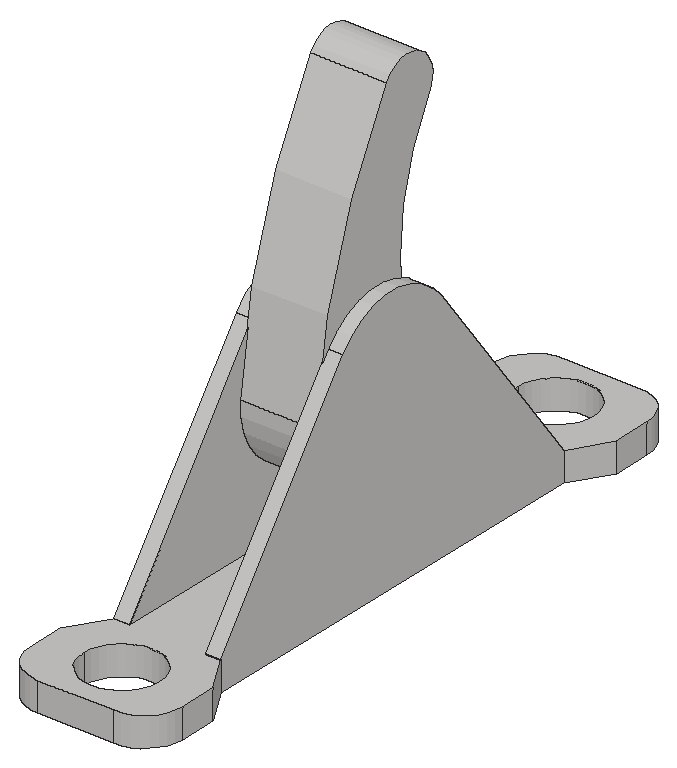
Revit family "Adjustable_Tension_Towel_Hook-Bradley_Corp-Security-SA37", category Specialty Equipment, host Face, Revit 2012
Parameters (values of type "SA37")
  Width = 1.000"
  Warranty Information = "Complete Unit - One Year"
  Version = "2.0"
  URL = "http://www.bradleycorp.com/"
  Specifications URL = "http://www.bradleycorp.com/3partspec"
  Product Tech Data URL - Spanish = "http://bradleycorp.com/download/588/9255es.pdf"
  Product Tech Data URL - French = "http://bradleycorp.com/download/589/9255fr.pdf"
  Product Tech Data URL - English = "http://bradleycorp.com/download/587/9255.pdf"
  Percentage of Recycled Content = 0
  OmniClass Table 23 Title = "Robe Hooks"
  OmniClass Table 23 Number = "23.31.25.27"
  OmniClass Table 21 Title = "Toilet, Bath, and Laundry Accessories"
  OmniClass Table 21 Number = "21-03 10 90 40"
  Modeling Code = ""
  Model = "SA37"
  Material = Metal - Bradley Corp - Stainless Steel - Satin
  MasterFormat Title = "Security Toilet Accessories"
  MasterFormat Number = "10 28 13.53"
  Manufacturer = "Bradley Corporation"
  Low Emitting Material = no
  Low Emitting Finish = no
  LEED Credit = ""
  Industry Standards = ""
  Height = 4.312"
  Fire Rating = ""
  Description = "Security Clothes Hook"
  Depth = 3.000"
  Default Elevation = 48.000"
  Copyright = "This Model Data is Property of Bradley Corporation"
  Complies To NAFTA = ""
  Buy American Act = "Yes"
  Assembly Code = "C1030200"
  ADA Compliant = "No"
Reference planes (in)
  plane 1 "Center (Front/Back)": y = 0
  plane 2: z = 0
  plane 3 "Center (Left/Right)": x = 0
  plane 4: z = 3
  plane 5: y = 2.15575
  plane 6: y = -2.15625
  plane 7: x = -0.5
  plane 8: x = 0.5
Forms (in)
  Extrusion 1, solid, material "Metal - Bradley Corp - Stainless Steel - Satin" <- "Material"
    sketch origin (0, 0, 0) x (1, 0, 0) y (0, 1, 0)
      loop
        arc (-0.25, 2.15575) -> (-0.42678, 2.08253) -> (-0.5, 1.90575) r 0.25
        line (-0.5, 1.90575) -> (-0.5, 1.65575) -> (-0.35, 1.40625) -> (-0.25, 1.40625) -> (-0.25, -1.40625) -> (-0.35, -1.40625) -> (-0.5, -1.65625) -> (-0.5, -1.90625)
        arc (-0.5, -1.90625) -> (-0.42678, -2.08303) -> (-0.25, -2.15625) r 0.25
        line (-0.25, -2.15625) -> (0.25, -2.15625)
        arc (0.25, -2.15625) -> (0.42678, -2.08303) -> (0.5, -1.90625) r 0.25
        line (0.5, -1.90625) -> (0.5, -1.65625) -> (0.35, -1.40625) -> (0.25, -1.40625) -> (0.25, 1.40625) -> (0.35, 1.40625) -> (0.5, 1.65575) -> (0.5, 1.90575)
        arc (0.5, 1.90575) -> (0.42678, 2.08253) -> (0.25, 2.15575) r 0.25
        line (0.25, 2.15575) -> (-0.25, 2.15575)
      loop
        circle (0, -1.78125) r 0.25
      loop
        circle (0, 1.78075) r 0.25
    from 0 to 0.19374
  Extrusion 2, solid, material "Metal - Bradley Corp - Stainless Steel - Satin" <- "Material"
    sketch origin (0, 0, 0) x (0, 1, 0) y (0, 0, 1)
      loop
        line (1.40625, 0) -> (1.40625, 0.19374) -> (0.40155, 1.54792)
        arc (0.40155, 1.54792) -> (0, 1.75) -> (-0.40155, 1.54792) r 0.5
        line (-0.40155, 1.54792) -> (-1.40625, 0.19374) -> (-1.40625, 0) -> (1.40625, 0)
    from -0.25 to -0.35
  Extrusion 3, solid, material "Metal - Bradley Corp - Stainless Steel - Satin" <- "Material"
    sketch origin (0, 0, 0) x (0, 1, 0) y (0, 0, 1)
      loop
        arc (0.40155, 1.54792) -> (0, 1.75) -> (-0.40155, 1.54792) r 0.5
        line (-0.40155, 1.54792) -> (-1.40625, 0.19374) -> (-1.40625, 0) -> (1.40625, 0) -> (1.40625, 0.19374) -> (0.40155, 1.54792)
    from 0.25 to 0.35
  Extrusion 4, solid, material "Metal - Bradley Corp - Stainless Steel - Satin" <- "Material"
    sketch origin (0, 0, 0) x (0, 1, 0) y (0, 0, 1)
      loop
        arc (0.42581, 2.69171) -> (0.36017, 2.9697) -> (0.08217, 2.90406) r 0.20198
        arc (0.08217, 2.90406) -> (-0.31566, 2.04531) -> (-0.49857, 1.11672) r 3.96368
        arc (-0.49857, 1.11672) -> (0.24889, 0.63989) -> (0.21501, 1.52585) r 0.5004
        arc (0.21501, 1.52585) -> (0.20993, 2.12876) -> (0.42581, 2.69171) r 1.61888
    from -0.25 to 0.25
Lines and regions (in)
  Masking region 1
    outline origin (0, 0, 0) x (1, 0, 0) y (0, 1, 0)
      loop
        arc (-0.25, 2.15575) -> (-0.42678, 2.08253) -> (-0.5, 1.90575) r 0.25
        line (-0.5, 1.90575) -> (-0.5, 1.65575) -> (-0.35, 1.40625) -> (-0.35, -1.40625) -> (-0.5, -1.65625) -> (-0.5, -1.90625)
        arc (-0.5, -1.90625) -> (-0.42678, -2.08303) -> (-0.25, -2.15625) r 0.25
        line (-0.25, -2.15625) -> (0.25, -2.15625)
        arc (0.25, -2.15625) -> (0.42678, -2.08303) -> (0.5, -1.90625) r 0.25
        line (0.5, -1.90625) -> (0.5, -1.65625) -> (0.35, -1.40625) -> (0.35, 1.40625) -> (0.5, 1.65575) -> (0.5, 1.90575)
        arc (0.5, 1.90575) -> (0.42678, 2.08253) -> (0.25, 2.15575) r 0.25
        line (0.25, 2.15575) -> (-0.25, 2.15575)
  Masking region 2, detail levels medium+fine
    outline origin (0, 0, 0) x (1, 0, 0) y (0, 0, 1)
      loop
        line (0.25, 3) -> (-0.25, 3) -> (-0.25, 1.75) -> (-0.35, 1.75) -> (-0.35, 0.19374) -> (-0.5, 0.19374) -> (-0.5, 0) -> (0.5, 0) -> (0.5, 0.19374) -> (0.35, 0.19374) -> (0.35, 1.75) -> (0.25, 1.75) -> (0.25, 3)
  Masking region 3
    outline origin (0, 0, 0) x (0, 1, 0) y (0, 0, 1)
      loop
        line (-2.15625, 0) -> (2.15575, 0) -> (2.15575, 0.19374) -> (1.40625, 0.19374) -> (0.40155, 1.54792)
        arc (0.40155, 1.54792) -> (0.30665, 1.64493) -> (0.18915, 1.71284) r 0.5
        arc (0.18915, 1.71284) -> (0.22943, 2.22114) -> (0.42581, 2.69171) r 1.61888
        arc (0.42581, 2.69171) -> (0.36017, 2.9697) -> (0.08217, 2.90406) r 0.20198
        arc (0.08217, 2.90406) -> (-0.25587, 2.21599) -> (-0.45512, 1.47572) r 3.96368
        line (-0.45512, 1.47572) -> (-1.40625, 0.19374) -> (-2.15625, 0.19374) -> (-2.15625, 0)
  symbolic lines, detail levels fine
    curve 1: arc (0.25, 1.78075, 0) -> (0, 1.53075, 0) -> (-0.25, 1.78075, 0) r 0.25
    curve 2: arc (-0.25, 1.78075, 0) -> (0, 2.03075, 0) -> (0.25, 1.78075, 0) r 0.25
    curve 3: arc (0.25, -1.78125, 0) -> (0, -2.03125, 0) -> (-0.25, -1.78125, 0) r 0.25
    curve 4: arc (-0.25, -1.78125, 0) -> (0, -1.53125, 0) -> (0.25, -1.78125, 0) r 0.25
    curve 5: line (-0.25, -0.49857, 0) -> (0.25, -0.49857, 0)
    curve 6: line (-0.25, 0.45597, 0) -> (0.25, 0.45597, 0)
    curve 7: arc (0, 0.18915, 1.71284) -> (0, -0.13445, 1.73158) -> (0, -0.40155, 1.54792) r 0.5
    curve 8: line (0, -0.40155, 1.54792) -> (0, -0.45512, 1.47572)
    curve 9: line (0.25, 0, 0.5736) -> (-0.25, 0, 0.5736)
    curve 10: line (0.25, 0, 1.52585) -> (-0.25, 0, 1.52585)
  symbolic lines, detail levels coarse
    curve 11: line (0, 0, 0) -> (0, 0, 3)
Dimensions and locks (in)
  Extrusion 4 sketch curve to Extrusion 4 sketch curve to Extrusion 4 sketch curve to plane 1 "Center (Front/Back)" = 1.65105" locked, 1.54898" locked, 0.25399" locked
  plane 4 to Extrusion 4 sketch curve to Extrusion 4 sketch curve to Extrusion 4 sketch curve to Extrusion 4 sketch curve = 0.20212" locked, 0.95717" locked, 0.76671" locked, 0.25354" locked
  equal spacing: plane 7, plane 3 "Center (Left/Right)", plane 8
  "Width": plane 7 to plane 8
  "Height": plane 5 to plane 6
  "Depth": plane 4 to plane 2
  aligned and locked: plane 2 to host face
  aligned and locked: level to host face
  aligned and locked: Extrusion 1 to plane 2
  aligned and locked: plane 2 to Extrusion 3 sketch curve
  aligned and locked: Extrusion 3 to Extrusion 1
  aligned and locked: Extrusion 1 sketch curve to Extrusion 2  (x2)
  aligned and locked: Extrusion 1 sketch curve to Extrusion 3  (x2)
  aligned and locked: plane 1 "Center (Front/Back)" to Extrusion 4 sketch curve
  aligned and locked: Extrusion 4 to Extrusion 2
  aligned and locked: Extrusion 2 to Extrusion 4
  aligned and locked: Extrusion 4 to Extrusion 3
  aligned and locked: Extrusion 1 sketch curve to plane 8  (x2)
  aligned and locked: plane 7 to Extrusion 1 sketch curve  (x2)
  aligned and locked: Extrusion 1 sketch curve to plane 5
  aligned and locked: plane 6 to Extrusion 1 sketch curve
  aligned and locked: plane 7 to Masking region 1 sketch curve
  aligned and locked: Masking region 1 sketch curve to Extrusion 1  (x8)
  aligned and locked: Masking region 1 sketch curve to Extrusion 2
  aligned and locked: Masking region 1 sketch curve to Extrusion 3
  aligned and locked: plane 4 to Masking region 2 sketch curve
  aligned and locked: plane 8 to Masking region 2 sketch curve
  aligned and locked: Masking region 2 sketch curve to Extrusion 1  (x3)
  aligned and locked: Extrusion 1 to Masking region 2 sketch curve
  aligned and locked: Extrusion 3 to Masking region 2 sketch curve
  aligned and locked: Extrusion 2 to Masking region 2 sketch curve
  aligned and locked: Masking region 2 sketch curve to Extrusion 4  (x2)
  aligned and locked: Masking region 2 sketch curve to Masking region 2 sketch curve
  aligned and locked: plane 6 to Masking region 3 sketch curve
  aligned and locked: Masking region 3 sketch curve to Extrusion 1  (x3)
  aligned and locked: Extrusion 1 to Masking region 3 sketch curve
  aligned and locked: Masking region 3 sketch curve to Extrusion 3  (x2)
  aligned and locked: Masking region 3 sketch curve to Extrusion 4  (x3)
Automatic sketch dimensions
  host sketch curve to host sketch curve = 96.000"  (x2)
  Extrusion 2 sketch curve to level = 0.000"
  Extrusion 2 sketch curve to plane 1 "Center (Front/Back)" = 0.000"
  plane 1 "Center (Front/Back)" to Extrusion 2 sketch curve = 0.40155"
  plane 1 "Center (Front/Back)" to Extrusion 2 sketch curve = 1.40625"
  Extrusion 2 sketch curve to plane 1 "Center (Front/Back)" = 0.40155"
  level to Extrusion 2 sketch curve = 0.19374"
  Extrusion 2 sketch curve to plane 1 "Center (Front/Back)" = 1.40625"
  Extrusion 2 sketch curve to Extrusion 2 sketch curve = 0.19374"
  level to Extrusion 2 sketch curve = 1.250"
  Extrusion 2 sketch curve to Extrusion 2 sketch curve = 0.29792"
  Extrusion 3 sketch curve to plane 1 "Center (Front/Back)" = 0.000"
  plane 1 "Center (Front/Back)" to Extrusion 3 sketch curve = 0.40155"
  plane 1 "Center (Front/Back)" to Extrusion 3 sketch curve = 1.40625"
  Extrusion 3 sketch curve to plane 1 "Center (Front/Back)" = 0.40155"
  level to Extrusion 3 sketch curve = 0.19374"
  Extrusion 3 sketch curve to plane 1 "Center (Front/Back)" = 1.40625"
  Extrusion 3 sketch curve to Extrusion 3 sketch curve = 0.19374"
  level to Extrusion 3 sketch curve = 1.250"
  Extrusion 3 sketch curve to Extrusion 3 sketch curve = 0.29792"
  plane 1 "Center (Front/Back)" to Extrusion 4 sketch curve = 0.49857"
  Extrusion 4 sketch curve to plane 1 "Center (Front/Back)" = 0.08217"
  Extrusion 4 sketch curve to Extrusion 4 sketch curve = 0.000"
  Extrusion 4 sketch curve to plane 1 "Center (Front/Back)" = 0.21501"
  Extrusion 1 sketch curve to plane 3 "Center (Left/Right)" = 0.000"  (x2)
  plane 7 to Extrusion 1 sketch curve = 0.150"  (x2)
  Extrusion 1 sketch curve to Extrusion 1 sketch curve = 0.100"  (x3)
  Extrusion 1 sketch curve to plane 3 "Center (Left/Right)" = 0.250"  (x2)
  plane 3 "Center (Left/Right)" to Extrusion 1 sketch curve = 0.250"  (x2)
  Extrusion 1 sketch curve to Extrusion 1 sketch curve = 0.250"  (x5)
  Extrusion 1 sketch curve to Extrusion 1 sketch curve = 0.125"  (x2)
  curve 1 to curve 2 = 0.000"  (x2)
  curve 3 to curve 4 = 0.000"  (x2)
  curve 3 to plane 3 "Center (Left/Right)" = 0.000"
  curve 2 to plane 3 "Center (Left/Right)" = 0.000"
  curve 3 to curve 3 = 0.250"
  curve 5 to plane 3 "Center (Left/Right)" = 0.250"
  curve 2 to curve 1 = 0.250"
  curve 6 to plane 3 "Center (Left/Right)" = 0.250"
  plane 3 "Center (Left/Right)" to curve 5 = 0.250"
  plane 3 "Center (Left/Right)" to curve 6 = 0.250"
  plane 6 to curve 3 = 0.375"
  plane 1 "Center (Front/Back)" to curve 5 = 0.49857"
  curve 6 to plane 1 "Center (Front/Back)" = 0.45597"
  curve 2 to plane 5 = 0.375"
  Masking region 2 sketch curve to Masking region 2 sketch curve = 1.55626"
  Masking region 3 sketch curve to Masking region 3 sketch curve = 0.0722"
  Masking region 3 sketch curve to Masking region 3 sketch curve = 0.2124"
  Masking region 3 sketch curve to Masking region 3 sketch curve = 0.750"
  curve 7 to plane 1 "Center (Front/Back)" = 0.000"
  plane 1 "Center (Front/Back)" to curve 8 = 0.40155"
  curve 8 to curve 8 = 0.05357"
  curve 7 to plane 1 "Center (Front/Back)" = 0.18915"
  level to curve 7 = 1.250"
  curve 7 to curve 8 = 0.22572"
  curve 8 to curve 8 = 0.0722"
  curve 11 to level = 0.000"
  curve 11 to plane 3 "Center (Left/Right)" = 0.000"
  curve 11 to plane 4 = 0.000"
  curve 10 to plane 3 "Center (Left/Right)" = 0.250"
  curve 9 to plane 3 "Center (Left/Right)" = 0.250"
  plane 3 "Center (Left/Right)" to curve 10 = 0.250"
  plane 3 "Center (Left/Right)" to curve 9 = 0.250"
  level to curve 9 = 0.5736"
  curve 9 to curve 10 = 0.95225"
  radius of Extrusion 1 sketch curve = 0.250"  (x2)
